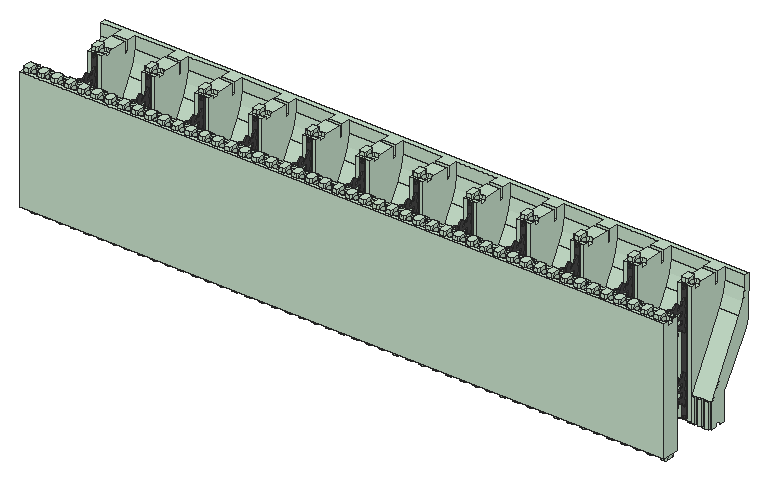
Revit family (continued)
Forms (mm)
  Extrusion 113, void
    sketch origin (2235.2, -0.069, 0) x (1, 0, 0) y (0, 1, 0)
      loop
        arc (29.796, 130.453) -> (26.615, 128.147) -> (25.4, 124.411) r 6.35
    from 0 to 12.7
  Extrusion 114, void
    sketch origin (2184.4, -0.069, 0) x (1, 0, 0) y (0, 1, 0)
      loop
        line (25.4, 124.411) -> (25.4, 101.014)
        arc (25.4, 101.014) -> (26.615, 97.278) -> (29.796, 94.972) r 6.35
        arc (29.796, 94.972) -> (36.091, 93.737) -> (42.5, 94.024) r 26.988
        arc (42.5, 94.024) -> (43.786, 93.668) -> (44.346, 92.457) r 1.587
        line (44.346, 92.457) -> (44.346, 86.829) -> (48.685, 86.829) -> (48.685, 95.62)
        arc (48.685, 95.62) -> (48.795, 96.199) -> (49.108, 96.698) r 1.588
        arc (49.108, 96.698) -> (50.362, 98.696) -> (50.8, 101.014) r 6.35
        line (50.8, 101.014) -> (50.8, 124.411)
        arc (50.8, 124.411) -> (49.585, 128.147) -> (46.404, 130.453) r 6.35
        arc (46.404, 130.453) -> (38.1, 131.763) -> (29.796, 130.453) r 26.987
        arc (29.796, 130.453) -> (26.615, 128.147) -> (25.4, 124.411) r 6.35
    from 0 to 12.7
  Extrusion 115, void
    sketch origin (2133.6, -0.069, 0) x (1, 0, 0) y (0, 1, 0)
      loop
        line (25.4, 124.411) -> (25.4, 101.014)
        arc (25.4, 101.014) -> (26.615, 97.278) -> (29.796, 94.972) r 6.35
        arc (29.796, 94.972) -> (36.091, 93.737) -> (42.5, 94.024) r 26.988
        arc (42.5, 94.024) -> (43.786, 93.668) -> (44.346, 92.457) r 1.587
        line (44.346, 92.457) -> (44.346, 86.829) -> (48.685, 86.829) -> (48.685, 95.62)
        arc (48.685, 95.62) -> (48.795, 96.199) -> (49.108, 96.698) r 1.588
        arc (49.108, 96.698) -> (50.362, 98.696) -> (50.8, 101.014) r 6.35
        line (50.8, 101.014) -> (50.8, 124.411)
        arc (50.8, 124.411) -> (49.585, 128.147) -> (46.404, 130.453) r 6.35
        arc (46.404, 130.453) -> (38.1, 131.763) -> (29.796, 130.453) r 26.987
        arc (29.796, 130.453) -> (26.615, 128.147) -> (25.4, 124.411) r 6.35
    from 0 to 12.7
  Extrusion 116, void
    sketch origin (2082.8, -0.069, 0) x (1, 0, 0) y (0, 1, 0)
      loop
        line (25.4, 124.411) -> (25.4, 101.014)
        arc (25.4, 101.014) -> (26.615, 97.278) -> (29.796, 94.972) r 6.35
        arc (29.796, 94.972) -> (36.091, 93.737) -> (42.5, 94.024) r 26.988
        arc (42.5, 94.024) -> (43.786, 93.668) -> (44.346, 92.457) r 1.587
        line (44.346, 92.457) -> (44.346, 86.829) -> (48.685, 86.829) -> (48.685, 95.62)
        arc (48.685, 95.62) -> (48.795, 96.199) -> (49.108, 96.698) r 1.588
        arc (49.108, 96.698) -> (50.362, 98.696) -> (50.8, 101.014) r 6.35
        line (50.8, 101.014) -> (50.8, 124.411)
        arc (50.8, 124.411) -> (49.585, 128.147) -> (46.404, 130.453) r 6.35
        arc (46.404, 130.453) -> (38.1, 131.763) -> (29.796, 130.453) r 26.987
        arc (29.796, 130.453) -> (26.615, 128.147) -> (25.4, 124.411) r 6.35
    from 0 to 12.7
  Extrusion 117, void
    sketch origin (2032, -0.069, 0) x (1, 0, 0) y (0, 1, 0)
      loop
        line (25.4, 124.411) -> (25.4, 101.014)
        arc (25.4, 101.014) -> (26.615, 97.278) -> (29.796, 94.972) r 6.35
        arc (29.796, 94.972) -> (36.091, 93.737) -> (42.5, 94.024) r 26.988
        arc (42.5, 94.024) -> (43.786, 93.668) -> (44.346, 92.457) r 1.587
        line (44.346, 92.457) -> (44.346, 86.829) -> (48.685, 86.829) -> (48.685, 95.62)
        arc (48.685, 95.62) -> (48.795, 96.199) -> (49.108, 96.698) r 1.588
        arc (49.108, 96.698) -> (50.362, 98.696) -> (50.8, 101.014) r 6.35
        line (50.8, 101.014) -> (50.8, 124.411)
        arc (50.8, 124.411) -> (49.585, 128.147) -> (46.404, 130.453) r 6.35
        arc (46.404, 130.453) -> (38.1, 131.763) -> (29.796, 130.453) r 26.987
        arc (29.796, 130.453) -> (26.615, 128.147) -> (25.4, 124.411) r 6.35
    from 0 to 12.7
  Extrusion 118, void
    sketch origin (1981.2, -0.069, 0) x (1, 0, 0) y (0, 1, 0)
      loop
        line (25.4, 124.411) -> (25.4, 101.014)
        arc (25.4, 101.014) -> (26.615, 97.278) -> (29.796, 94.972) r 6.35
        arc (29.796, 94.972) -> (36.091, 93.737) -> (42.5, 94.024) r 26.988
        arc (42.5, 94.024) -> (43.786, 93.668) -> (44.346, 92.457) r 1.587
        line (44.346, 92.457) -> (44.346, 86.829) -> (48.685, 86.829) -> (48.685, 95.62)
        arc (48.685, 95.62) -> (48.795, 96.199) -> (49.108, 96.698) r 1.588
        arc (49.108, 96.698) -> (50.362, 98.696) -> (50.8, 101.014) r 6.35
        line (50.8, 101.014) -> (50.8, 124.411)
        arc (50.8, 124.411) -> (49.585, 128.147) -> (46.404, 130.453) r 6.35
        arc (46.404, 130.453) -> (38.1, 131.763) -> (29.796, 130.453) r 26.987
        arc (29.796, 130.453) -> (26.615, 128.147) -> (25.4, 124.411) r 6.35
    from 0 to 12.7
  Extrusion 119, void
    sketch origin (1930.4, -0.069, 0) x (1, 0, 0) y (0, 1, 0)
      loop
        line (25.4, 124.411) -> (25.4, 101.014)
        arc (25.4, 101.014) -> (26.615, 97.278) -> (29.796, 94.972) r 6.35
        arc (29.796, 94.972) -> (36.091, 93.737) -> (42.5, 94.024) r 26.988
        arc (42.5, 94.024) -> (43.786, 93.668) -> (44.346, 92.457) r 1.587
        line (44.346, 92.457) -> (44.346, 86.829) -> (48.685, 86.829) -> (48.685, 95.62)
        arc (48.685, 95.62) -> (48.795, 96.199) -> (49.108, 96.698) r 1.588
        arc (49.108, 96.698) -> (50.362, 98.696) -> (50.8, 101.014) r 6.35
        line (50.8, 101.014) -> (50.8, 124.411)
        arc (50.8, 124.411) -> (49.585, 128.147) -> (46.404, 130.453) r 6.35
        arc (46.404, 130.453) -> (38.1, 131.763) -> (29.796, 130.453) r 26.987
        arc (29.796, 130.453) -> (26.615, 128.147) -> (25.4, 124.411) r 6.35
    from 0 to 12.7
  Extrusion 120, void
    sketch origin (1879.6, -0.069, 0) x (1, 0, 0) y (0, 1, 0)
      loop
        line (25.4, 124.411) -> (25.4, 101.014)
        arc (25.4, 101.014) -> (26.615, 97.278) -> (29.796, 94.972) r 6.35
        arc (29.796, 94.972) -> (36.091, 93.737) -> (42.5, 94.024) r 26.988
        arc (42.5, 94.024) -> (43.786, 93.668) -> (44.346, 92.457) r 1.587
        line (44.346, 92.457) -> (44.346, 86.829) -> (48.685, 86.829) -> (48.685, 95.62)
        arc (48.685, 95.62) -> (48.795, 96.199) -> (49.108, 96.698) r 1.588
        arc (49.108, 96.698) -> (50.362, 98.696) -> (50.8, 101.014) r 6.35
        line (50.8, 101.014) -> (50.8, 124.411)
        arc (50.8, 124.411) -> (49.585, 128.147) -> (46.404, 130.453) r 6.35
        arc (46.404, 130.453) -> (38.1, 131.763) -> (29.796, 130.453) r 26.987
        arc (29.796, 130.453) -> (26.615, 128.147) -> (25.4, 124.411) r 6.35
    from 0 to 12.7
  Extrusion 121, void
    sketch origin (1828.8, -0.069, 0) x (1, 0, 0) y (0, 1, 0)
      loop
        line (25.4, 124.411) -> (25.4, 101.014)
        arc (25.4, 101.014) -> (26.615, 97.278) -> (29.796, 94.972) r 6.35
        arc (29.796, 94.972) -> (36.091, 93.737) -> (42.5, 94.024) r 26.988
        arc (42.5, 94.024) -> (43.786, 93.668) -> (44.346, 92.457) r 1.587
        line (44.346, 92.457) -> (44.346, 86.829) -> (48.685, 86.829) -> (48.685, 95.62)
        arc (48.685, 95.62) -> (48.795, 96.199) -> (49.108, 96.698) r 1.588
        arc (49.108, 96.698) -> (50.362, 98.696) -> (50.8, 101.014) r 6.35
        line (50.8, 101.014) -> (50.8, 124.411)
        arc (50.8, 124.411) -> (49.585, 128.147) -> (46.404, 130.453) r 6.35
        arc (46.404, 130.453) -> (38.1, 131.763) -> (29.796, 130.453) r 26.987
        arc (29.796, 130.453) -> (26.615, 128.147) -> (25.4, 124.411) r 6.35
    from 0 to 12.7
  Extrusion 122, void
    sketch origin (1778, -0.069, 0) x (1, 0, 0) y (0, 1, 0)
      loop
        line (25.4, 124.411) -> (25.4, 101.014)
        arc (25.4, 101.014) -> (26.615, 97.278) -> (29.796, 94.972) r 6.35
        arc (29.796, 94.972) -> (36.091, 93.737) -> (42.5, 94.024) r 26.988
        arc (42.5, 94.024) -> (43.786, 93.668) -> (44.346, 92.457) r 1.587
        line (44.346, 92.457) -> (44.346, 86.829) -> (48.685, 86.829) -> (48.685, 95.62)
        arc (48.685, 95.62) -> (48.795, 96.199) -> (49.108, 96.698) r 1.588
        arc (49.108, 96.698) -> (50.362, 98.696) -> (50.8, 101.014) r 6.35
        line (50.8, 101.014) -> (50.8, 124.411)
        arc (50.8, 124.411) -> (49.585, 128.147) -> (46.404, 130.453) r 6.35
        arc (46.404, 130.453) -> (38.1, 131.763) -> (29.796, 130.453) r 26.987
        arc (29.796, 130.453) -> (26.615, 128.147) -> (25.4, 124.411) r 6.35
    from 0 to 12.7
  Extrusion 123, void
    sketch origin (1727.2, -0.069, 0) x (1, 0, 0) y (0, 1, 0)
      loop
        line (25.4, 124.411) -> (25.4, 101.014)
        arc (25.4, 101.014) -> (26.615, 97.278) -> (29.796, 94.972) r 6.35
        arc (29.796, 94.972) -> (36.091, 93.737) -> (42.5, 94.024) r 26.988
        arc (42.5, 94.024) -> (43.786, 93.668) -> (44.346, 92.457) r 1.587
        line (44.346, 92.457) -> (44.346, 86.829) -> (48.685, 86.829) -> (48.685, 95.62)
        arc (48.685, 95.62) -> (48.795, 96.199) -> (49.108, 96.698) r 1.588
        arc (49.108, 96.698) -> (50.362, 98.696) -> (50.8, 101.014) r 6.35
        line (50.8, 101.014) -> (50.8, 124.411)
        arc (50.8, 124.411) -> (49.585, 128.147) -> (46.404, 130.453) r 6.35
        arc (46.404, 130.453) -> (38.1, 131.763) -> (29.796, 130.453) r 26.987
        arc (29.796, 130.453) -> (26.615, 128.147) -> (25.4, 124.411) r 6.35
    from 0 to 12.7
  Extrusion 124, void
    sketch origin (1676.4, -0.069, 0) x (1, 0, 0) y (0, 1, 0)
      loop
        line (25.4, 124.411) -> (25.4, 101.014)
        arc (25.4, 101.014) -> (26.615, 97.278) -> (29.796, 94.972) r 6.35
        arc (29.796, 94.972) -> (36.091, 93.737) -> (42.5, 94.024) r 26.988
        arc (42.5, 94.024) -> (43.786, 93.668) -> (44.346, 92.457) r 1.587
        line (44.346, 92.457) -> (44.346, 86.829) -> (48.685, 86.829) -> (48.685, 95.62)
        arc (48.685, 95.62) -> (48.795, 96.199) -> (49.108, 96.698) r 1.588
        arc (49.108, 96.698) -> (50.362, 98.696) -> (50.8, 101.014) r 6.35
        line (50.8, 101.014) -> (50.8, 124.411)
        arc (50.8, 124.411) -> (49.585, 128.147) -> (46.404, 130.453) r 6.35
        arc (46.404, 130.453) -> (38.1, 131.763) -> (29.796, 130.453) r 26.987
        arc (29.796, 130.453) -> (26.615, 128.147) -> (25.4, 124.411) r 6.35
    from 0 to 12.7
  Extrusion 125, void
    sketch origin (1625.6, -0.069, 0) x (1, 0, 0) y (0, 1, 0)
      loop
        line (25.4, 124.411) -> (25.4, 101.014)
        arc (25.4, 101.014) -> (26.615, 97.278) -> (29.796, 94.972) r 6.35
        arc (29.796, 94.972) -> (36.091, 93.737) -> (42.5, 94.024) r 26.988
        arc (42.5, 94.024) -> (43.786, 93.668) -> (44.346, 92.457) r 1.587
        line (44.346, 92.457) -> (44.346, 86.829) -> (48.685, 86.829) -> (48.685, 95.62)
        arc (48.685, 95.62) -> (48.795, 96.199) -> (49.108, 96.698) r 1.588
        arc (49.108, 96.698) -> (50.362, 98.696) -> (50.8, 101.014) r 6.35
        line (50.8, 101.014) -> (50.8, 124.411)
        arc (50.8, 124.411) -> (49.585, 128.147) -> (46.404, 130.453) r 6.35
        arc (46.404, 130.453) -> (38.1, 131.763) -> (29.796, 130.453) r 26.987
        arc (29.796, 130.453) -> (26.615, 128.147) -> (25.4, 124.411) r 6.35
    from 0 to 12.7
  Extrusion 126, void
    sketch origin (1574.8, -0.069, 0) x (1, 0, 0) y (0, 1, 0)
      loop
        line (25.4, 124.411) -> (25.4, 101.014)
        arc (25.4, 101.014) -> (26.615, 97.278) -> (29.796, 94.972) r 6.35
        arc (29.796, 94.972) -> (36.091, 93.737) -> (42.5, 94.024) r 26.988
        arc (42.5, 94.024) -> (43.786, 93.668) -> (44.346, 92.457) r 1.587
        line (44.346, 92.457) -> (44.346, 86.829) -> (48.685, 86.829) -> (48.685, 95.62)
        arc (48.685, 95.62) -> (48.795, 96.199) -> (49.108, 96.698) r 1.588
        arc (49.108, 96.698) -> (50.362, 98.696) -> (50.8, 101.014) r 6.35
        line (50.8, 101.014) -> (50.8, 124.411)
        arc (50.8, 124.411) -> (49.585, 128.147) -> (46.404, 130.453) r 6.35
        arc (46.404, 130.453) -> (38.1, 131.763) -> (29.796, 130.453) r 26.987
        arc (29.796, 130.453) -> (26.615, 128.147) -> (25.4, 124.411) r 6.35
    from 0 to 12.7
  Extrusion 127, void
    sketch origin (1524, -0.069, 0) x (1, 0, 0) y (0, 1, 0)
      loop
        line (25.4, 124.411) -> (25.4, 101.014)
        arc (25.4, 101.014) -> (26.615, 97.278) -> (29.796, 94.972) r 6.35
        arc (29.796, 94.972) -> (36.091, 93.737) -> (42.5, 94.024) r 26.988
        arc (42.5, 94.024) -> (43.786, 93.668) -> (44.346, 92.457) r 1.587
        line (44.346, 92.457) -> (44.346, 86.829) -> (48.685, 86.829) -> (48.685, 95.62)
        arc (48.685, 95.62) -> (48.795, 96.199) -> (49.108, 96.698) r 1.588
        arc (49.108, 96.698) -> (50.362, 98.696) -> (50.8, 101.014) r 6.35
        line (50.8, 101.014) -> (50.8, 124.411)
        arc (50.8, 124.411) -> (49.585, 128.147) -> (46.404, 130.453) r 6.35
        arc (46.404, 130.453) -> (38.1, 131.763) -> (29.796, 130.453) r 26.987
        arc (29.796, 130.453) -> (26.615, 128.147) -> (25.4, 124.411) r 6.35
    from 0 to 12.7
  Extrusion 128, void
    sketch origin (1473.2, -0.069, 0) x (1, 0, 0) y (0, 1, 0)
      loop
        line (25.4, 124.411) -> (25.4, 101.014)
        arc (25.4, 101.014) -> (26.615, 97.278) -> (29.796, 94.972) r 6.35
        arc (29.796, 94.972) -> (36.091, 93.737) -> (42.5, 94.024) r 26.988
        arc (42.5, 94.024) -> (43.786, 93.668) -> (44.346, 92.457) r 1.587
        line (44.346, 92.457) -> (44.346, 86.829) -> (48.685, 86.829) -> (48.685, 95.62)
        arc (48.685, 95.62) -> (48.795, 96.199) -> (49.108, 96.698) r 1.588
        arc (49.108, 96.698) -> (50.362, 98.696) -> (50.8, 101.014) r 6.35
        line (50.8, 101.014) -> (50.8, 124.411)
        arc (50.8, 124.411) -> (49.585, 128.147) -> (46.404, 130.453) r 6.35
        arc (46.404, 130.453) -> (38.1, 131.763) -> (29.796, 130.453) r 26.987
        arc (29.796, 130.453) -> (26.615, 128.147) -> (25.4, 124.411) r 6.35
    from 0 to 12.7
  Extrusion 129, void
    sketch origin (1422.4, -0.069, 0) x (1, 0, 0) y (0, 1, 0)
      loop
        line (25.4, 124.411) -> (25.4, 101.014)
        arc (25.4, 101.014) -> (26.615, 97.278) -> (29.796, 94.972) r 6.35
        arc (29.796, 94.972) -> (36.091, 93.737) -> (42.5, 94.024) r 26.988
        arc (42.5, 94.024) -> (43.786, 93.668) -> (44.346, 92.457) r 1.587
        line (44.346, 92.457) -> (44.346, 86.829) -> (48.685, 86.829) -> (48.685, 95.62)
        arc (48.685, 95.62) -> (48.795, 96.199) -> (49.108, 96.698) r 1.588
        arc (49.108, 96.698) -> (50.362, 98.696) -> (50.8, 101.014) r 6.35
        line (50.8, 101.014) -> (50.8, 124.411)
        arc (50.8, 124.411) -> (49.585, 128.147) -> (46.404, 130.453) r 6.35
        arc (46.404, 130.453) -> (38.1, 131.763) -> (29.796, 130.453) r 26.987
        arc (29.796, 130.453) -> (26.615, 128.147) -> (25.4, 124.411) r 6.35
    from 0 to 12.7
  Extrusion 130, void
    sketch origin (1371.6, -0.069, 0) x (1, 0, 0) y (0, 1, 0)
      loop
        line (25.4, 124.411) -> (25.4, 101.014)
        arc (25.4, 101.014) -> (26.615, 97.278) -> (29.796, 94.972) r 6.35
        arc (29.796, 94.972) -> (36.091, 93.737) -> (42.5, 94.024) r 26.988
        arc (42.5, 94.024) -> (43.786, 93.668) -> (44.346, 92.457) r 1.587
        line (44.346, 92.457) -> (44.346, 86.829) -> (48.685, 86.829) -> (48.685, 95.62)
        arc (48.685, 95.62) -> (48.795, 96.199) -> (49.108, 96.698) r 1.588
        arc (49.108, 96.698) -> (50.362, 98.696) -> (50.8, 101.014) r 6.35
        line (50.8, 101.014) -> (50.8, 124.411)
        arc (50.8, 124.411) -> (49.585, 128.147) -> (46.404, 130.453) r 6.35
        arc (46.404, 130.453) -> (38.1, 131.763) -> (29.796, 130.453) r 26.987
        arc (29.796, 130.453) -> (26.615, 128.147) -> (25.4, 124.411) r 6.35
    from 0 to 12.7
  Extrusion 131, void
    sketch origin (1320.8, -0.069, 0) x (1, 0, 0) y (0, 1, 0)
      loop
        line (25.4, 124.411) -> (25.4, 101.014)
        arc (25.4, 101.014) -> (26.615, 97.278) -> (29.796, 94.972) r 6.35
        arc (29.796, 94.972) -> (36.091, 93.737) -> (42.5, 94.024) r 26.988
        arc (42.5, 94.024) -> (43.786, 93.668) -> (44.346, 92.457) r 1.587
        line (44.346, 92.457) -> (44.346, 86.829) -> (48.685, 86.829) -> (48.685, 95.62)
        arc (48.685, 95.62) -> (48.795, 96.199) -> (49.108, 96.698) r 1.588
        arc (49.108, 96.698) -> (50.362, 98.696) -> (50.8, 101.014) r 6.35
        line (50.8, 101.014) -> (50.8, 124.411)
        arc (50.8, 124.411) -> (49.585, 128.147) -> (46.404, 130.453) r 6.35
        arc (46.404, 130.453) -> (38.1, 131.763) -> (29.796, 130.453) r 26.987
        arc (29.796, 130.453) -> (26.615, 128.147) -> (25.4, 124.411) r 6.35
    from 0 to 12.7
  Extrusion 132, void
    sketch origin (1270, -0.069, 0) x (1, 0, 0) y (0, 1, 0)
      loop
        line (25.4, 124.411) -> (25.4, 101.014)
        arc (25.4, 101.014) -> (26.615, 97.278) -> (29.796, 94.972) r 6.35
        arc (29.796, 94.972) -> (36.091, 93.737) -> (42.5, 94.024) r 26.988
        arc (42.5, 94.024) -> (43.786, 93.668) -> (44.346, 92.457) r 1.587
        line (44.346, 92.457) -> (44.346, 86.829) -> (48.685, 86.829) -> (48.685, 95.62)
        arc (48.685, 95.62) -> (48.795, 96.199) -> (49.108, 96.698) r 1.588
        arc (49.108, 96.698) -> (50.362, 98.696) -> (50.8, 101.014) r 6.35
        line (50.8, 101.014) -> (50.8, 124.411)
        arc (50.8, 124.411) -> (49.585, 128.147) -> (46.404, 130.453) r 6.35
        arc (46.404, 130.453) -> (38.1, 131.763) -> (29.796, 130.453) r 26.987
        arc (29.796, 130.453) -> (26.615, 128.147) -> (25.4, 124.411) r 6.35
    from 0 to 12.7
  Extrusion 133, void
    sketch origin (1219.2, -0.069, 0) x (1, 0, 0) y (0, 1, 0)
      loop
        line (25.4, 124.411) -> (25.4, 101.014)
        arc (25.4, 101.014) -> (26.615, 97.278) -> (29.796, 94.972) r 6.35
        arc (29.796, 94.972) -> (36.091, 93.737) -> (42.5, 94.024) r 26.988
        arc (42.5, 94.024) -> (43.786, 93.668) -> (44.346, 92.457) r 1.587
        line (44.346, 92.457) -> (44.346, 86.829) -> (48.685, 86.829) -> (48.685, 95.62)
        arc (48.685, 95.62) -> (48.795, 96.199) -> (49.108, 96.698) r 1.588
        arc (49.108, 96.698) -> (50.362, 98.696) -> (50.8, 101.014) r 6.35
        line (50.8, 101.014) -> (50.8, 124.411)
        arc (50.8, 124.411) -> (49.585, 128.147) -> (46.404, 130.453) r 6.35
        arc (46.404, 130.453) -> (38.1, 131.763) -> (29.796, 130.453) r 26.987
        arc (29.796, 130.453) -> (26.615, 128.147) -> (25.4, 124.411) r 6.35
    from 0 to 12.7
  Extrusion 134, void
    sketch origin (1168.4, -0.069, 0) x (1, 0, 0) y (0, 1, 0)
      loop
        line (25.4, 124.411) -> (25.4, 101.014)
        arc (25.4, 101.014) -> (26.615, 97.278) -> (29.796, 94.972) r 6.35
        arc (29.796, 94.972) -> (36.091, 93.737) -> (42.5, 94.024) r 26.988
        arc (42.5, 94.024) -> (43.786, 93.668) -> (44.346, 92.457) r 1.587
        line (44.346, 92.457) -> (44.346, 86.829) -> (48.685, 86.829) -> (48.685, 95.62)
        arc (48.685, 95.62) -> (48.795, 96.199) -> (49.108, 96.698) r 1.588
        arc (49.108, 96.698) -> (50.362, 98.696) -> (50.8, 101.014) r 6.35
        line (50.8, 101.014) -> (50.8, 124.411)
        arc (50.8, 124.411) -> (49.585, 128.147) -> (46.404, 130.453) r 6.35
        arc (46.404, 130.453) -> (38.1, 131.763) -> (29.796, 130.453) r 26.987
        arc (29.796, 130.453) -> (26.615, 128.147) -> (25.4, 124.411) r 6.35
    from 0 to 12.7
  Extrusion 135, void
    sketch origin (1117.6, -0.069, 0) x (1, 0, 0) y (0, 1, 0)
      loop
        line (25.4, 124.411) -> (25.4, 101.014)
        arc (25.4, 101.014) -> (26.615, 97.278) -> (29.796, 94.972) r 6.35
        arc (29.796, 94.972) -> (36.091, 93.737) -> (42.5, 94.024) r 26.988
        arc (42.5, 94.024) -> (43.786, 93.668) -> (44.346, 92.457) r 1.587
        line (44.346, 92.457) -> (44.346, 86.829) -> (48.685, 86.829) -> (48.685, 95.62)
        arc (48.685, 95.62) -> (48.795, 96.199) -> (49.108, 96.698) r 1.588
        arc (49.108, 96.698) -> (50.362, 98.696) -> (50.8, 101.014) r 6.35
        line (50.8, 101.014) -> (50.8, 124.411)
        arc (50.8, 124.411) -> (49.585, 128.147) -> (46.404, 130.453) r 6.35
        arc (46.404, 130.453) -> (38.1, 131.763) -> (29.796, 130.453) r 26.987
        arc (29.796, 130.453) -> (26.615, 128.147) -> (25.4, 124.411) r 6.35
    from 0 to 12.7
  Extrusion 136, void
    sketch origin (1066.8, -0.069, 0) x (1, 0, 0) y (0, 1, 0)
      loop
        line (25.4, 124.411) -> (25.4, 101.014)
        arc (25.4, 101.014) -> (26.615, 97.278) -> (29.796, 94.972) r 6.35
        arc (29.796, 94.972) -> (36.091, 93.737) -> (42.5, 94.024) r 26.988
        arc (42.5, 94.024) -> (43.786, 93.668) -> (44.346, 92.457) r 1.587
        line (44.346, 92.457) -> (44.346, 86.829) -> (48.685, 86.829) -> (48.685, 95.62)
        arc (48.685, 95.62) -> (48.795, 96.199) -> (49.108, 96.698) r 1.588
        arc (49.108, 96.698) -> (50.362, 98.696) -> (50.8, 101.014) r 6.35
        line (50.8, 101.014) -> (50.8, 124.411)
        arc (50.8, 124.411) -> (49.585, 128.147) -> (46.404, 130.453) r 6.35
        arc (46.404, 130.453) -> (38.1, 131.763) -> (29.796, 130.453) r 26.987
        arc (29.796, 130.453) -> (26.615, 128.147) -> (25.4, 124.411) r 6.35
    from 0 to 12.7
  Extrusion 137, void
    sketch origin (1016, -0.069, 0) x (1, 0, 0) y (0, 1, 0)
      loop
        line (25.4, 124.411) -> (25.4, 101.014)
        arc (25.4, 101.014) -> (26.615, 97.278) -> (29.796, 94.972) r 6.35
        arc (29.796, 94.972) -> (36.091, 93.737) -> (42.5, 94.024) r 26.988
        arc (42.5, 94.024) -> (43.786, 93.668) -> (44.346, 92.457) r 1.587
        line (44.346, 92.457) -> (44.346, 86.829) -> (48.685, 86.829) -> (48.685, 95.62)
        arc (48.685, 95.62) -> (48.795, 96.199) -> (49.108, 96.698) r 1.588
        arc (49.108, 96.698) -> (50.362, 98.696) -> (50.8, 101.014) r 6.35
        line (50.8, 101.014) -> (50.8, 124.411)
        arc (50.8, 124.411) -> (49.585, 128.147) -> (46.404, 130.453) r 6.35
        arc (46.404, 130.453) -> (38.1, 131.763) -> (29.796, 130.453) r 26.987
        arc (29.796, 130.453) -> (26.615, 128.147) -> (25.4, 124.411) r 6.35
    from 0 to 12.7
  Extrusion 138, void
    sketch origin (965.2, -0.069, 0) x (1, 0, 0) y (0, 1, 0)
      loop
        line (25.4, 124.411) -> (25.4, 101.014)
        arc (25.4, 101.014) -> (26.615, 97.278) -> (29.796, 94.972) r 6.35
        arc (29.796, 94.972) -> (36.091, 93.737) -> (42.5, 94.024) r 26.988
        arc (42.5, 94.024) -> (43.786, 93.668) -> (44.346, 92.457) r 1.587
        line (44.346, 92.457) -> (44.346, 86.829) -> (48.685, 86.829) -> (48.685, 95.62)
        arc (48.685, 95.62) -> (48.795, 96.199) -> (49.108, 96.698) r 1.588
        arc (49.108, 96.698) -> (50.362, 98.696) -> (50.8, 101.014) r 6.35
        line (50.8, 101.014) -> (50.8, 124.411)
        arc (50.8, 124.411) -> (49.585, 128.147) -> (46.404, 130.453) r 6.35
        arc (46.404, 130.453) -> (38.1, 131.763) -> (29.796, 130.453) r 26.987
        arc (29.796, 130.453) -> (26.615, 128.147) -> (25.4, 124.411) r 6.35
    from 0 to 12.7
  Extrusion 139, void
    sketch origin (914.4, -0.069, 0) x (1, 0, 0) y (0, 1, 0)
      loop
        line (25.4, 124.411) -> (25.4, 101.014)
        arc (25.4, 101.014) -> (26.615, 97.278) -> (29.796, 94.972) r 6.35
        arc (29.796, 94.972) -> (36.091, 93.737) -> (42.5, 94.024) r 26.988
        arc (42.5, 94.024) -> (43.786, 93.668) -> (44.346, 92.457) r 1.587
        line (44.346, 92.457) -> (44.346, 86.829) -> (48.685, 86.829) -> (48.685, 95.62)
        arc (48.685, 95.62) -> (48.795, 96.199) -> (49.108, 96.698) r 1.588
        arc (49.108, 96.698) -> (50.362, 98.696) -> (50.8, 101.014) r 6.35
        line (50.8, 101.014) -> (50.8, 124.411)
        arc (50.8, 124.411) -> (49.585, 128.147) -> (46.404, 130.453) r 6.35
        arc (46.404, 130.453) -> (38.1, 131.763) -> (29.796, 130.453) r 26.987
        arc (29.796, 130.453) -> (26.615, 128.147) -> (25.4, 124.411) r 6.35
    from 0 to 12.7
  Extrusion 140, void
    sketch origin (863.6, -0.069, 0) x (1, 0, 0) y (0, 1, 0)
      loop
        line (25.4, 124.411) -> (25.4, 101.014)
        arc (25.4, 101.014) -> (26.615, 97.278) -> (29.796, 94.972) r 6.35
        arc (29.796, 94.972) -> (36.091, 93.737) -> (42.5, 94.024) r 26.988
        arc (42.5, 94.024) -> (43.786, 93.668) -> (44.346, 92.457) r 1.587
        line (44.346, 92.457) -> (44.346, 86.829) -> (48.685, 86.829) -> (48.685, 95.62)
        arc (48.685, 95.62) -> (48.795, 96.199) -> (49.108, 96.698) r 1.588
        arc (49.108, 96.698) -> (50.362, 98.696) -> (50.8, 101.014) r 6.35
        line (50.8, 101.014) -> (50.8, 124.411)
        arc (50.8, 124.411) -> (49.585, 128.147) -> (46.404, 130.453) r 6.35
        arc (46.404, 130.453) -> (38.1, 131.763) -> (29.796, 130.453) r 26.987
        arc (29.796, 130.453) -> (26.615, 128.147) -> (25.4, 124.411) r 6.35
    from 0 to 12.7
  Extrusion 141, void
    sketch origin (812.8, -0.069, 0) x (1, 0, 0) y (0, 1, 0)
      loop
        line (25.4, 124.411) -> (25.4, 101.014)
        arc (25.4, 101.014) -> (26.615, 97.278) -> (29.796, 94.972) r 6.35
        arc (29.796, 94.972) -> (36.091, 93.737) -> (42.5, 94.024) r 26.988
        arc (42.5, 94.024) -> (43.786, 93.668) -> (44.346, 92.457) r 1.587
        line (44.346, 92.457) -> (44.346, 86.829) -> (48.685, 86.829) -> (48.685, 95.62)
        arc (48.685, 95.62) -> (48.795, 96.199) -> (49.108, 96.698) r 1.588
        arc (49.108, 96.698) -> (50.362, 98.696) -> (50.8, 101.014) r 6.35
        line (50.8, 101.014) -> (50.8, 124.411)
        arc (50.8, 124.411) -> (49.585, 128.147) -> (46.404, 130.453) r 6.35
        arc (46.404, 130.453) -> (38.1, 131.763) -> (29.796, 130.453) r 26.987
        arc (29.796, 130.453) -> (26.615, 128.147) -> (25.4, 124.411) r 6.35
    from 0 to 12.7
  Extrusion 142, void
    sketch origin (762, -0.069, 0) x (1, 0, 0) y (0, 1, 0)
      loop
        line (25.4, 124.411) -> (25.4, 101.014)
        arc (25.4, 101.014) -> (26.615, 97.278) -> (29.796, 94.972) r 6.35
        arc (29.796, 94.972) -> (36.091, 93.737) -> (42.5, 94.024) r 26.988
        arc (42.5, 94.024) -> (43.786, 93.668) -> (44.346, 92.457) r 1.587
        line (44.346, 92.457) -> (44.346, 86.829) -> (48.685, 86.829) -> (48.685, 95.62)
        arc (48.685, 95.62) -> (48.795, 96.199) -> (49.108, 96.698) r 1.588
        arc (49.108, 96.698) -> (50.362, 98.696) -> (50.8, 101.014) r 6.35
        line (50.8, 101.014) -> (50.8, 124.411)
        arc (50.8, 124.411) -> (49.585, 128.147) -> (46.404, 130.453) r 6.35
        arc (46.404, 130.453) -> (38.1, 131.763) -> (29.796, 130.453) r 26.987
        arc (29.796, 130.453) -> (26.615, 128.147) -> (25.4, 124.411) r 6.35
    from 0 to 12.7
  Extrusion 143, void
    sketch origin (711.2, -0.069, 0) x (1, 0, 0) y (0, 1, 0)
      loop
        line (25.4, 124.411) -> (25.4, 101.014)
        arc (25.4, 101.014) -> (26.615, 97.278) -> (29.796, 94.972) r 6.35
        arc (29.796, 94.972) -> (36.091, 93.737) -> (42.5, 94.024) r 26.988
        arc (42.5, 94.024) -> (43.786, 93.668) -> (44.346, 92.457) r 1.587
        line (44.346, 92.457) -> (44.346, 86.829) -> (48.685, 86.829) -> (48.685, 95.62)
        arc (48.685, 95.62) -> (48.795, 96.199) -> (49.108, 96.698) r 1.588
        arc (49.108, 96.698) -> (50.362, 98.696) -> (50.8, 101.014) r 6.35
        line (50.8, 101.014) -> (50.8, 124.411)
        arc (50.8, 124.411) -> (49.585, 128.147) -> (46.404, 130.453) r 6.35
        arc (46.404, 130.453) -> (38.1, 131.763) -> (29.796, 130.453) r 26.987
        arc (29.796, 130.453) -> (26.615, 128.147) -> (25.4, 124.411) r 6.35
    from 0 to 12.7
  Extrusion 144, void
    sketch origin (660.4, -0.069, 0) x (1, 0, 0) y (0, 1, 0)
      loop
        line (25.4, 124.411) -> (25.4, 101.014)
        arc (25.4, 101.014) -> (26.615, 97.278) -> (29.796, 94.972) r 6.35
        arc (29.796, 94.972) -> (36.091, 93.737) -> (42.5, 94.024) r 26.988
        arc (42.5, 94.024) -> (43.786, 93.668) -> (44.346, 92.457) r 1.587
        line (44.346, 92.457) -> (44.346, 86.829) -> (48.685, 86.829) -> (48.685, 95.62)
        arc (48.685, 95.62) -> (48.795, 96.199) -> (49.108, 96.698) r 1.588
        arc (49.108, 96.698) -> (50.362, 98.696) -> (50.8, 101.014) r 6.35
        line (50.8, 101.014) -> (50.8, 124.411)
        arc (50.8, 124.411) -> (49.585, 128.147) -> (46.404, 130.453) r 6.35
        arc (46.404, 130.453) -> (38.1, 131.763) -> (29.796, 130.453) r 26.987
        arc (29.796, 130.453) -> (26.615, 128.147) -> (25.4, 124.411) r 6.35
    from 0 to 12.7
  Extrusion 145, void
    sketch origin (609.6, -0.069, 0) x (1, 0, 0) y (0, 1, 0)
      loop
        line (25.4, 124.411) -> (25.4, 101.014)
        arc (25.4, 101.014) -> (26.615, 97.278) -> (29.796, 94.972) r 6.35
        arc (29.796, 94.972) -> (36.091, 93.737) -> (42.5, 94.024) r 26.988
        arc (42.5, 94.024) -> (43.786, 93.668) -> (44.346, 92.457) r 1.587
        line (44.346, 92.457) -> (44.346, 86.829) -> (48.685, 86.829) -> (48.685, 95.62)
        arc (48.685, 95.62) -> (48.795, 96.199) -> (49.108, 96.698) r 1.588
        arc (49.108, 96.698) -> (50.362, 98.696) -> (50.8, 101.014) r 6.35
        line (50.8, 101.014) -> (50.8, 124.411)
        arc (50.8, 124.411) -> (49.585, 128.147) -> (46.404, 130.453) r 6.35
        arc (46.404, 130.453) -> (38.1, 131.763) -> (29.796, 130.453) r 26.987
        arc (29.796, 130.453) -> (26.615, 128.147) -> (25.4, 124.411) r 6.35
    from 0 to 12.7
  Extrusion 146, void
    sketch origin (558.8, -0.069, 0) x (1, 0, 0) y (0, 1, 0)
      loop
        line (25.4, 124.411) -> (25.4, 101.014)
        arc (25.4, 101.014) -> (26.615, 97.278) -> (29.796, 94.972) r 6.35
        arc (29.796, 94.972) -> (36.091, 93.737) -> (42.5, 94.024) r 26.988
        arc (42.5, 94.024) -> (43.786, 93.668) -> (44.346, 92.457) r 1.587
        line (44.346, 92.457) -> (44.346, 86.829) -> (48.685, 86.829) -> (48.685, 95.62)
        arc (48.685, 95.62) -> (48.795, 96.199) -> (49.108, 96.698) r 1.588
        arc (49.108, 96.698) -> (50.362, 98.696) -> (50.8, 101.014) r 6.35
        line (50.8, 101.014) -> (50.8, 124.411)
        arc (50.8, 124.411) -> (49.585, 128.147) -> (46.404, 130.453) r 6.35
        arc (46.404, 130.453) -> (38.1, 131.763) -> (29.796, 130.453) r 26.987
        arc (29.796, 130.453) -> (26.615, 128.147) -> (25.4, 124.411) r 6.35
    from 0 to 12.7
  Extrusion 147, void
    sketch origin (508, -0.069, 0) x (1, 0, 0) y (0, 1, 0)
      loop
        line (25.4, 124.411) -> (25.4, 101.014)
        arc (25.4, 101.014) -> (26.615, 97.278) -> (29.796, 94.972) r 6.35
        arc (29.796, 94.972) -> (36.091, 93.737) -> (42.5, 94.024) r 26.988
        arc (42.5, 94.024) -> (43.786, 93.668) -> (44.346, 92.457) r 1.587
        line (44.346, 92.457) -> (44.346, 86.829) -> (48.685, 86.829) -> (48.685, 95.62)
        arc (48.685, 95.62) -> (48.795, 96.199) -> (49.108, 96.698) r 1.588
        arc (49.108, 96.698) -> (50.362, 98.696) -> (50.8, 101.014) r 6.35
        line (50.8, 101.014) -> (50.8, 124.411)
        arc (50.8, 124.411) -> (49.585, 128.147) -> (46.404, 130.453) r 6.35
        arc (46.404, 130.453) -> (38.1, 131.763) -> (29.796, 130.453) r 26.987
        arc (29.796, 130.453) -> (26.615, 128.147) -> (25.4, 124.411) r 6.35
    from 0 to 12.7
  Extrusion 148, void
    sketch origin (457.2, -0.069, 0) x (1, 0, 0) y (0, 1, 0)
      loop
        line (25.4, 124.411) -> (25.4, 101.014)
        arc (25.4, 101.014) -> (26.615, 97.278) -> (29.796, 94.972) r 6.35
        arc (29.796, 94.972) -> (36.091, 93.737) -> (42.5, 94.024) r 26.988
        arc (42.5, 94.024) -> (43.786, 93.668) -> (44.346, 92.457) r 1.587
        line (44.346, 92.457) -> (44.346, 86.829) -> (48.685, 86.829) -> (48.685, 95.62)
        arc (48.685, 95.62) -> (48.795, 96.199) -> (49.108, 96.698) r 1.588
        arc (49.108, 96.698) -> (50.362, 98.696) -> (50.8, 101.014) r 6.35
        line (50.8, 101.014) -> (50.8, 124.411)
        arc (50.8, 124.411) -> (49.585, 128.147) -> (46.404, 130.453) r 6.35
        arc (46.404, 130.453) -> (38.1, 131.763) -> (29.796, 130.453) r 26.987
        arc (29.796, 130.453) -> (26.615, 128.147) -> (25.4, 124.411) r 6.35
    from 0 to 12.7
  Extrusion 149, void
    sketch origin (406.4, -0.069, 0) x (1, 0, 0) y (0, 1, 0)
      loop
        line (25.4, 124.411) -> (25.4, 101.014)
        arc (25.4, 101.014) -> (26.615, 97.278) -> (29.796, 94.972) r 6.35
        arc (29.796, 94.972) -> (36.091, 93.737) -> (42.5, 94.024) r 26.988
        arc (42.5, 94.024) -> (43.786, 93.668) -> (44.346, 92.457) r 1.587
        line (44.346, 92.457) -> (44.346, 86.829) -> (48.685, 86.829) -> (48.685, 95.62)
        arc (48.685, 95.62) -> (48.795, 96.199) -> (49.108, 96.698) r 1.588
        arc (49.108, 96.698) -> (50.362, 98.696) -> (50.8, 101.014) r 6.35
        line (50.8, 101.014) -> (50.8, 124.411)
        arc (50.8, 124.411) -> (49.585, 128.147) -> (46.404, 130.453) r 6.35
        arc (46.404, 130.453) -> (38.1, 131.763) -> (29.796, 130.453) r 26.987
        arc (29.796, 130.453) -> (26.615, 128.147) -> (25.4, 124.411) r 6.35
    from 0 to 12.7
  Extrusion 150, void
    sketch origin (355.6, -0.069, 0) x (1, 0, 0) y (0, 1, 0)
      loop
        line (25.4, 124.411) -> (25.4, 101.014)
        arc (25.4, 101.014) -> (26.615, 97.278) -> (29.796, 94.972) r 6.35
        arc (29.796, 94.972) -> (36.091, 93.737) -> (42.5, 94.024) r 26.988
        arc (42.5, 94.024) -> (43.786, 93.668) -> (44.346, 92.457) r 1.587
        line (44.346, 92.457) -> (44.346, 86.829) -> (48.685, 86.829) -> (48.685, 95.62)
        arc (48.685, 95.62) -> (48.795, 96.199) -> (49.108, 96.698) r 1.588
        arc (49.108, 96.698) -> (50.362, 98.696) -> (50.8, 101.014) r 6.35
        line (50.8, 101.014) -> (50.8, 124.411)
        arc (50.8, 124.411) -> (49.585, 128.147) -> (46.404, 130.453) r 6.35
        arc (46.404, 130.453) -> (38.1, 131.763) -> (29.796, 130.453) r 26.987
        arc (29.796, 130.453) -> (26.615, 128.147) -> (25.4, 124.411) r 6.35
    from 0 to 12.7
  Extrusion 151, void
    sketch origin (304.8, -0.069, 0) x (1, 0, 0) y (0, 1, 0)
      loop
        line (25.4, 124.411) -> (25.4, 101.014)
        arc (25.4, 101.014) -> (26.615, 97.278) -> (29.796, 94.972) r 6.35
        arc (29.796, 94.972) -> (36.091, 93.737) -> (42.5, 94.024) r 26.988
        arc (42.5, 94.024) -> (43.786, 93.668) -> (44.346, 92.457) r 1.587
        line (44.346, 92.457) -> (44.346, 86.829) -> (48.685, 86.829) -> (48.685, 95.62)
        arc (48.685, 95.62) -> (48.795, 96.199) -> (49.108, 96.698) r 1.588
        arc (49.108, 96.698) -> (50.362, 98.696) -> (50.8, 101.014) r 6.35
        line (50.8, 101.014) -> (50.8, 124.411)
        arc (50.8, 124.411) -> (49.585, 128.147) -> (46.404, 130.453) r 6.35
        arc (46.404, 130.453) -> (38.1, 131.763) -> (29.796, 130.453) r 26.987
        arc (29.796, 130.453) -> (26.615, 128.147) -> (25.4, 124.411) r 6.35
    from 0 to 12.7
  Extrusion 152, void
    sketch origin (254, -0.069, 0) x (1, 0, 0) y (0, 1, 0)
      loop
        line (25.4, 124.411) -> (25.4, 101.014)
        arc (25.4, 101.014) -> (26.615, 97.278) -> (29.796, 94.972) r 6.35
        arc (29.796, 94.972) -> (36.091, 93.737) -> (42.5, 94.024) r 26.988
        arc (42.5, 94.024) -> (43.786, 93.668) -> (44.346, 92.457) r 1.587
        line (44.346, 92.457) -> (44.346, 86.829) -> (48.685, 86.829) -> (48.685, 95.62)
        arc (48.685, 95.62) -> (48.795, 96.199) -> (49.108, 96.698) r 1.588
        arc (49.108, 96.698) -> (50.362, 98.696) -> (50.8, 101.014) r 6.35
        line (50.8, 101.014) -> (50.8, 124.411)
        arc (50.8, 124.411) -> (49.585, 128.147) -> (46.404, 130.453) r 6.35
        arc (46.404, 130.453) -> (38.1, 131.763) -> (29.796, 130.453) r 26.987
        arc (29.796, 130.453) -> (26.615, 128.147) -> (25.4, 124.411) r 6.35
    from 0 to 12.7
  Extrusion 153, void
    sketch origin (203.2, -0.069, 0) x (1, 0, 0) y (0, 1, 0)
      loop
        line (25.4, 124.411) -> (25.4, 101.014)
        arc (25.4, 101.014) -> (26.615, 97.278) -> (29.796, 94.972) r 6.35
        arc (29.796, 94.972) -> (36.091, 93.737) -> (42.5, 94.024) r 26.988
        arc (42.5, 94.024) -> (43.786, 93.668) -> (44.346, 92.457) r 1.587
        line (44.346, 92.457) -> (44.346, 86.829) -> (48.685, 86.829) -> (48.685, 95.62)
        arc (48.685, 95.62) -> (48.795, 96.199) -> (49.108, 96.698) r 1.588
        arc (49.108, 96.698) -> (50.362, 98.696) -> (50.8, 101.014) r 6.35
        line (50.8, 101.014) -> (50.8, 124.411)
        arc (50.8, 124.411) -> (49.585, 128.147) -> (46.404, 130.453) r 6.35
        arc (46.404, 130.453) -> (38.1, 131.763) -> (29.796, 130.453) r 26.987
        arc (29.796, 130.453) -> (26.615, 128.147) -> (25.4, 124.411) r 6.35
    from 0 to 12.7
  Extrusion 154, void
    sketch origin (152.4, -0.069, 0) x (1, 0, 0) y (0, 1, 0)
      loop
        line (25.4, 124.411) -> (25.4, 101.014)
        arc (25.4, 101.014) -> (26.615, 97.278) -> (29.796, 94.972) r 6.35
        arc (29.796, 94.972) -> (36.091, 93.737) -> (42.5, 94.024) r 26.988
        arc (42.5, 94.024) -> (43.786, 93.668) -> (44.346, 92.457) r 1.587
        line (44.346, 92.457) -> (44.346, 86.829) -> (48.685, 86.829) -> (48.685, 95.62)
        arc (48.685, 95.62) -> (48.795, 96.199) -> (49.108, 96.698) r 1.588
        arc (49.108, 96.698) -> (50.362, 98.696) -> (50.8, 101.014) r 6.35
        line (50.8, 101.014) -> (50.8, 124.411)
        arc (50.8, 124.411) -> (49.585, 128.147) -> (46.404, 130.453) r 6.35
        arc (46.404, 130.453) -> (38.1, 131.763) -> (29.796, 130.453) r 26.987
        arc (29.796, 130.453) -> (26.615, 128.147) -> (25.4, 124.411) r 6.35
    from 0 to 12.7
  Extrusion 155, void
    sketch origin (101.6, -0.069, 0) x (1, 0, 0) y (0, 1, 0)
      loop
        line (25.4, 124.411) -> (25.4, 101.014)
        arc (25.4, 101.014) -> (26.615, 97.278) -> (29.796, 94.972) r 6.35
        arc (29.796, 94.972) -> (36.091, 93.737) -> (42.5, 94.024) r 26.988
        arc (42.5, 94.024) -> (43.786, 93.668) -> (44.346, 92.457) r 1.587
        line (44.346, 92.457) -> (44.346, 86.829) -> (48.685, 86.829) -> (48.685, 95.62)
        arc (48.685, 95.62) -> (48.795, 96.199) -> (49.108, 96.698) r 1.588
        arc (49.108, 96.698) -> (50.362, 98.696) -> (50.8, 101.014) r 6.35
        line (50.8, 101.014) -> (50.8, 124.411)
        arc (50.8, 124.411) -> (49.585, 128.147) -> (46.404, 130.453) r 6.35
        arc (46.404, 130.453) -> (38.1, 131.763) -> (29.796, 130.453) r 26.987
        arc (29.796, 130.453) -> (26.615, 128.147) -> (25.4, 124.411) r 6.35
    from 0 to 12.7
  Extrusion 156, void
    sketch origin (50.8, -0.069, 0) x (1, 0, 0) y (0, 1, 0)
      loop
        line (25.4, 124.411) -> (25.4, 101.014)
        arc (25.4, 101.014) -> (26.615, 97.278) -> (29.796, 94.972) r 6.35
        arc (29.796, 94.972) -> (36.091, 93.737) -> (42.5, 94.024) r 26.988
        arc (42.5, 94.024) -> (43.786, 93.668) -> (44.346, 92.457) r 1.587
        line (44.346, 92.457) -> (44.346, 86.829) -> (48.685, 86.829) -> (48.685, 95.62)
        arc (48.685, 95.62) -> (48.795, 96.199) -> (49.108, 96.698) r 1.588
        arc (49.108, 96.698) -> (50.362, 98.696) -> (50.8, 101.014) r 6.35
        line (50.8, 101.014) -> (50.8, 124.411)
        arc (50.8, 124.411) -> (49.585, 128.147) -> (46.404, 130.453) r 6.35
        arc (46.404, 130.453) -> (38.1, 131.763) -> (29.796, 130.453) r 26.987
        arc (29.796, 130.453) -> (26.615, 128.147) -> (25.4, 124.411) r 6.35
    from 0 to 12.7
  Extrusion 157, void
    sketch origin (0, -0.069, 0) x (1, 0, 0) y (0, 1, 0)
      loop
        line (25.4, 124.411) -> (25.4, 101.014)
        arc (25.4, 101.014) -> (26.615, 97.278) -> (29.796, 94.972) r 6.35
        arc (29.796, 94.972) -> (36.091, 93.737) -> (42.5, 94.024) r 26.988
        arc (42.5, 94.024) -> (43.786, 93.668) -> (44.346, 92.457) r 1.587
        line (44.346, 92.457) -> (44.346, 86.829) -> (48.685, 86.829) -> (48.685, 95.62)
        arc (48.685, 95.62) -> (48.795, 96.199) -> (49.108, 96.698) r 1.588
        arc (49.108, 96.698) -> (50.362, 98.696) -> (50.8, 101.014) r 6.35
        line (50.8, 101.014) -> (50.8, 124.411)
        arc (50.8, 124.411) -> (49.585, 128.147) -> (46.404, 130.453) r 6.35
        arc (46.404, 130.453) -> (38.1, 131.763) -> (29.796, 130.453) r 26.987
        arc (29.796, 130.453) -> (26.615, 128.147) -> (25.4, 124.411) r 6.35
    from 0 to 12.7
  Extrusion 158, solid, material "EPS- NUDURA- Foam Panel"
    sketch origin (0, -0.069, 0) x (0, 1, 0) y (0, 0, 1)
      loop
        line (257.175, 330.2) -> (257.175, 457.2) -> (239.395, 457.2) -> (239.395, 412.75)
        arc (239.395, 412.75) -> (229.98, 370.464) -> (213.995, 330.2) r 273.05
        line (213.995, 330.2) -> (82.55, 92.075) -> (82.55, 0) -> (142.875, 0) -> (142.875, 98.425)
        arc (142.875, 98.425) -> (143.415, 104.58) -> (145.215, 110.49) r 29.756
        line (145.215, 110.49) -> (240.16, 266.7)
        arc (240.16, 266.7) -> (252.848, 297.33) -> (257.175, 330.2) r 127
    from 0 to 2438.4
  Extrusion 159, solid, material "EPS- NUDURA- Foam Panel"
    sketch origin (0, -0.069, 0) x (0, 1, 0) y (0, 0, 1)
      loop
        arc (206.375, 419.1) -> (200.025, 412.75) -> (193.675, 419.1) r 6.35
        line (193.675, 419.1) -> (193.675, 457.2) -> (82.55, 457.2) -> (82.55, 92.075) -> (213.995, 330.2)
        arc (213.995, 330.2) -> (229.98, 370.464) -> (239.395, 412.75) r 273.05
        line (239.395, 412.75) -> (239.395, 457.2) -> (206.375, 457.2) -> (206.375, 419.1)
    from 76.2 to 127
  Extrusion 160, solid, material "EPS- NUDURA- Foam Panel"
    sketch origin (0, -0.069, 0) x (0, 1, 0) y (0, 0, 1)
      loop
        arc (206.375, 419.1) -> (200.025, 412.75) -> (193.675, 419.1) r 6.35
        line (193.675, 419.1) -> (193.675, 457.2) -> (82.55, 457.2) -> (82.55, 92.075) -> (213.995, 330.2)
        arc (213.995, 330.2) -> (229.98, 370.464) -> (239.395, 412.75) r 273.05
        line (239.395, 412.75) -> (239.395, 457.2) -> (206.375, 457.2) -> (206.375, 419.1)
    from 279.4 to 330.2
  Extrusion 161, solid, material "EPS- NUDURA- Foam Panel"
    sketch origin (203.2, -0.069, 0) x (0, 1, 0) y (0, 0, 1)
      loop
        arc (206.375, 419.1) -> (200.025, 412.75) -> (193.675, 419.1) r 6.35
        line (193.675, 419.1) -> (193.675, 457.2) -> (82.55, 457.2) -> (82.55, 92.075) -> (213.995, 330.2)
        arc (213.995, 330.2) -> (229.98, 370.464) -> (239.395, 412.75) r 273.05
        line (239.395, 412.75) -> (239.395, 457.2) -> (206.375, 457.2) -> (206.375, 419.1)
    from 279.4 to 330.2
  Extrusion 162, solid, material "EPS- NUDURA- Foam Panel"
    sketch origin (0, -0.069, 0) x (0, 1, 0) y (0, 0, 1)
      loop
        line (239.395, 457.2) -> (206.375, 457.2) -> (206.375, 419.1)
        arc (206.375, 419.1) -> (200.025, 412.75) -> (193.675, 419.1) r 6.35
        line (193.675, 419.1) -> (193.675, 457.2) -> (82.55, 457.2) -> (82.55, 92.075) -> (213.995, 330.2)
        arc (213.995, 330.2) -> (229.98, 370.464) -> (239.395, 412.75) r 273.05
        line (239.395, 412.75) -> (239.395, 457.2)
    from 685.8 to 736.6
  Extrusion 163, solid, material "EPS- NUDURA- Foam Panel"
    sketch origin (0, -0.069, 0) x (0, 1, 0) y (0, 0, 1)
      loop
        line (239.395, 457.2) -> (206.375, 457.2) -> (206.375, 419.1)
        arc (206.375, 419.1) -> (200.025, 412.75) -> (193.675, 419.1) r 6.35
        line (193.675, 419.1) -> (193.675, 457.2) -> (82.55, 457.2) -> (82.55, 92.075) -> (213.995, 330.2)
        arc (213.995, 330.2) -> (229.98, 370.464) -> (239.395, 412.75) r 273.05
        line (239.395, 412.75) -> (239.395, 457.2)
    from 889 to 939.8
  Extrusion 164, solid, material "EPS- NUDURA- Foam Panel"
    sketch origin (0, -0.069, 0) x (0, 1, 0) y (0, 0, 1)
      loop
        line (239.395, 457.2) -> (206.375, 457.2) -> (206.375, 419.1)
        arc (206.375, 419.1) -> (200.025, 412.75) -> (193.675, 419.1) r 6.35
        line (193.675, 419.1) -> (193.675, 457.2) -> (82.55, 457.2) -> (82.55, 92.075) -> (213.995, 330.2)
        arc (213.995, 330.2) -> (229.98, 370.464) -> (239.395, 412.75) r 273.05
        line (239.395, 412.75) -> (239.395, 457.2)
    from 1092.2 to 1143
  Extrusion 165, solid, material "EPS- NUDURA- Foam Panel"
    sketch origin (0, -0.069, 0) x (0, 1, 0) y (0, 0, 1)
      loop
        line (239.395, 457.2) -> (206.375, 457.2) -> (206.375, 419.1)
        arc (206.375, 419.1) -> (200.025, 412.75) -> (193.675, 419.1) r 6.35
        line (193.675, 419.1) -> (193.675, 457.2) -> (82.55, 457.2) -> (82.55, 92.075) -> (213.995, 330.2)
        arc (213.995, 330.2) -> (229.98, 370.464) -> (239.395, 412.75) r 273.05
        line (239.395, 412.75) -> (239.395, 457.2)
    from 1295.4 to 1346.2
  Extrusion 166, solid, material "EPS- NUDURA- Foam Panel"
    sketch origin (0, -0.069, 0) x (0, 1, 0) y (0, 0, 1)
      loop
        line (239.395, 457.2) -> (206.375, 457.2) -> (206.375, 419.1)
        arc (206.375, 419.1) -> (200.025, 412.75) -> (193.675, 419.1) r 6.35
        line (193.675, 419.1) -> (193.675, 457.2) -> (82.55, 457.2) -> (82.55, 92.075) -> (213.995, 330.2)
        arc (213.995, 330.2) -> (229.98, 370.464) -> (239.395, 412.75) r 273.05
        line (239.395, 412.75) -> (239.395, 457.2)
    from 1498.6 to 1549.4
  Extrusion 167, solid, material "EPS- NUDURA- Foam Panel"
    sketch origin (0, -0.069, 0) x (0, 1, 0) y (0, 0, 1)
      loop
        line (239.395, 457.2) -> (206.375, 457.2) -> (206.375, 419.1)
        arc (206.375, 419.1) -> (200.025, 412.75) -> (193.675, 419.1) r 6.35
        line (193.675, 419.1) -> (193.675, 457.2) -> (82.55, 457.2) -> (82.55, 92.075) -> (213.995, 330.2)
        arc (213.995, 330.2) -> (229.98, 370.464) -> (239.395, 412.75) r 273.05
        line (239.395, 412.75) -> (239.395, 457.2)
    from 1701.8 to 1752.6
  Extrusion 168, solid, material "EPS- NUDURA- Foam Panel"
    sketch origin (0, -0.069, 0) x (0, 1, 0) y (0, 0, 1)
      loop
        line (239.395, 457.2) -> (206.375, 457.2) -> (206.375, 419.1)
        arc (206.375, 419.1) -> (200.025, 412.75) -> (193.675, 419.1) r 6.35
        line (193.675, 419.1) -> (193.675, 457.2) -> (82.55, 457.2) -> (82.55, 92.075) -> (213.995, 330.2)
        arc (213.995, 330.2) -> (229.98, 370.464) -> (239.395, 412.75) r 273.05
        line (239.395, 412.75) -> (239.395, 457.2)
    from 1905 to 1955.8
  Extrusion 169, solid, material "EPS- NUDURA- Foam Panel"
    sketch origin (0, -0.069, 0) x (0, 1, 0) y (0, 0, 1)
      loop
        line (239.395, 457.2) -> (206.375, 457.2) -> (206.375, 419.1)
        arc (206.375, 419.1) -> (200.025, 412.75) -> (193.675, 419.1) r 6.35
        line (193.675, 419.1) -> (193.675, 457.2) -> (82.55, 457.2) -> (82.55, 92.075) -> (213.995, 330.2)
        arc (213.995, 330.2) -> (229.98, 370.464) -> (239.395, 412.75) r 273.05
        line (239.395, 412.75) -> (239.395, 457.2)
    from 2108.2 to 2159
  Extrusion 170, solid, material "EPS- NUDURA- Foam Panel"
    sketch origin (0, -0.069, 0) x (0, 1, 0) y (0, 0, 1)
      loop
        line (239.395, 457.2) -> (206.375, 457.2) -> (206.375, 419.1)
        arc (206.375, 419.1) -> (200.025, 412.75) -> (193.675, 419.1) r 6.35
        line (193.675, 419.1) -> (193.675, 457.2) -> (82.55, 457.2) -> (82.55, 92.075) -> (213.995, 330.2)
        arc (213.995, 330.2) -> (229.98, 370.464) -> (239.395, 412.75) r 273.05
        line (239.395, 412.75) -> (239.395, 457.2)
    from 2311.4 to 2362.2
  Extrusion 171, solid, material "EPS- NUDURA- Foam Panel"
    sketch origin (0, -0.069, 0) x (1, 0, 0) y (0, 1, 0)
      loop
        line (2418.558, 76.2) -> (2432.842, 76.2) -> (2431.258, 82.55) -> (2420.142, 82.55) -> (2418.558, 76.2)
      loop
        line (2393.158, 76.2) -> (2407.442, 76.2) -> (2405.858, 82.55) -> (2394.742, 82.55) -> (2393.158, 76.2)
      loop
        line (2367.758, 76.2) -> (2382.042, 76.2) -> (2380.458, 82.55) -> (2369.342, 82.55) -> (2367.758, 76.2)
      loop
        line (2291.558, 76.2) -> (2305.842, 76.2) -> (2304.258, 82.55) -> (2293.142, 82.55) -> (2291.558, 76.2)
      loop
        line (2266.158, 76.2) -> (2280.442, 76.2) -> (2278.858, 82.55) -> (2267.742, 82.55) -> (2266.158, 76.2)
      loop
        line (2240.758, 76.2) -> (2255.042, 76.2) -> (2253.458, 82.55) -> (2242.342, 82.55) -> (2240.758, 76.2)
      loop
        line (2215.358, 76.2) -> (2229.642, 76.2) -> (2228.058, 82.55) -> (2216.942, 82.55) -> (2215.358, 76.2)
      loop
        line (2189.958, 76.2) -> (2204.242, 76.2) -> (2202.658, 82.55) -> (2191.542, 82.55) -> (2189.958, 76.2)
      loop
        line (2164.558, 76.2) -> (2178.842, 76.2) -> (2177.258, 82.55) -> (2166.142, 82.55) -> (2164.558, 76.2)
      loop
        line (2088.358, 76.2) -> (2102.642, 76.2) -> (2101.058, 82.55) -> (2089.942, 82.55) -> (2088.358, 76.2)
      loop
        line (2062.958, 76.2) -> (2077.242, 76.2) -> (2075.658, 82.55) -> (2064.542, 82.55) -> (2062.958, 76.2)
      loop
        line (2037.558, 76.2) -> (2051.842, 76.2) -> (2050.258, 82.55) -> (2039.142, 82.55) -> (2037.558, 76.2)
      loop
        line (2012.158, 76.2) -> (2026.442, 76.2) -> (2024.858, 82.55) -> (2013.742, 82.55) -> (2012.158, 76.2)
      loop
        line (1986.758, 76.2) -> (2001.042, 76.2) -> (1999.458, 82.55) -> (1988.342, 82.55) -> (1986.758, 76.2)
      loop
        line (1961.358, 76.2) -> (1975.642, 76.2) -> (1974.058, 82.55) -> (1962.942, 82.55) -> (1961.358, 76.2)
      loop
        line (1885.158, 76.2) -> (1899.442, 76.2) -> (1897.858, 82.55) -> (1886.742, 82.55) -> (1885.158, 76.2)
      loop
        line (1859.758, 76.2) -> (1874.042, 76.2) -> (1872.458, 82.55) -> (1861.342, 82.55) -> (1859.758, 76.2)
      loop
        line (1834.358, 76.2) -> (1848.642, 76.2) -> (1847.058, 82.55) -> (1835.942, 82.55) -> (1834.358, 76.2)
      loop
        line (1808.958, 76.2) -> (1823.242, 76.2) -> (1821.658, 82.55) -> (1810.542, 82.55) -> (1808.958, 76.2)
      loop
        line (1783.558, 76.2) -> (1797.842, 76.2) -> (1796.258, 82.55) -> (1785.142, 82.55) -> (1783.558, 76.2)
      loop
        line (1758.158, 76.2) -> (1772.442, 76.2) -> (1770.858, 82.55) -> (1759.742, 82.55) -> (1758.158, 76.2)
      loop
        line (1681.958, 76.2) -> (1696.242, 76.2) -> (1694.658, 82.55) -> (1683.542, 82.55) -> (1681.958, 76.2)
      loop
        line (1656.558, 76.2) -> (1670.842, 76.2) -> (1669.258, 82.55) -> (1658.142, 82.55) -> (1656.558, 76.2)
      loop
        line (1631.158, 76.2) -> (1645.442, 76.2) -> (1643.858, 82.55) -> (1632.742, 82.55) -> (1631.158, 76.2)
      loop
        line (1605.758, 76.2) -> (1620.042, 76.2) -> (1618.458, 82.55) -> (1607.342, 82.55) -> (1605.758, 76.2)
      loop
        line (1580.358, 76.2) -> (1594.642, 76.2) -> (1593.058, 82.55) -> (1581.942, 82.55) -> (1580.358, 76.2)
      loop
        line (1554.958, 76.2) -> (1569.242, 76.2) -> (1567.658, 82.55) -> (1556.542, 82.55) -> (1554.958, 76.2)
      loop
        line (1478.758, 76.2) -> (1493.042, 76.2) -> (1491.458, 82.55) -> (1480.342, 82.55) -> (1478.758, 76.2)
      loop
        line (1453.358, 76.2) -> (1467.642, 76.2) -> (1466.058, 82.55) -> (1454.942, 82.55) -> (1453.358, 76.2)
      loop
        line (1427.958, 76.2) -> (1442.242, 76.2) -> (1440.658, 82.55) -> (1429.542, 82.55) -> (1427.958, 76.2)
      loop
        line (1402.558, 76.2) -> (1416.842, 76.2) -> (1415.258, 82.55) -> (1404.142, 82.55) -> (1402.558, 76.2)
      loop
        line (1377.158, 76.2) -> (1391.442, 76.2) -> (1389.858, 82.55) -> (1378.742, 82.55) -> (1377.158, 76.2)
      loop
        line (1351.758, 76.2) -> (1366.042, 76.2) -> (1364.458, 82.55) -> (1353.342, 82.55) -> (1351.758, 76.2)
      loop
        line (1275.558, 76.2) -> (1289.842, 76.2) -> (1288.258, 82.55) -> (1277.142, 82.55) -> (1275.558, 76.2)
      loop
        line (1250.158, 76.2) -> (1264.442, 76.2) -> (1262.858, 82.55) -> (1251.742, 82.55) -> (1250.158, 76.2)
      loop
        line (1224.758, 76.2) -> (1239.042, 76.2) -> (1237.458, 82.55) -> (1226.342, 82.55) -> (1224.758, 76.2)
      loop
        line (1199.358, 76.2) -> (1213.642, 76.2) -> (1212.058, 82.55) -> (1200.942, 82.55) -> (1199.358, 76.2)
      loop
        line (1173.958, 76.2) -> (1188.242, 76.2) -> (1186.658, 82.55) -> (1175.542, 82.55) -> (1173.958, 76.2)
      loop
        line (1148.558, 76.2) -> (1162.842, 76.2) -> (1161.258, 82.55) -> (1150.142, 82.55) -> (1148.558, 76.2)
      loop
        line (1072.358, 76.2) -> (1086.642, 76.2) -> (1085.058, 82.55) -> (1073.942, 82.55) -> (1072.358, 76.2)
      loop
        line (1046.958, 76.2) -> (1061.242, 76.2) -> (1059.658, 82.55) -> (1048.542, 82.55) -> (1046.958, 76.2)
      loop
        line (1021.558, 76.2) -> (1035.842, 76.2) -> (1034.258, 82.55) -> (1023.142, 82.55) -> (1021.558, 76.2)
      loop
        line (996.158, 76.2) -> (1010.442, 76.2) -> (1008.858, 82.55) -> (997.742, 82.55) -> (996.158, 76.2)
      loop
        line (970.758, 76.2) -> (985.042, 76.2) -> (983.458, 82.55) -> (972.342, 82.55) -> (970.758, 76.2)
      loop
        line (945.358, 76.2) -> (959.642, 76.2) -> (958.058, 82.55) -> (946.942, 82.55) -> (945.358, 76.2)
      loop
        line (869.158, 76.2) -> (883.442, 76.2) -> (881.858, 82.55) -> (870.742, 82.55) -> (869.158, 76.2)
      loop
        line (843.758, 76.2) -> (858.042, 76.2) -> (856.458, 82.55) -> (845.342, 82.55) -> (843.758, 76.2)
      loop
        line (818.358, 76.2) -> (832.642, 76.2) -> (831.058, 82.55) -> (819.942, 82.55) -> (818.358, 76.2)
      loop
        line (792.958, 76.2) -> (807.242, 76.2) -> (805.658, 82.55) -> (794.542, 82.55) -> (792.958, 76.2)
      loop
        line (767.558, 76.2) -> (781.842, 76.2) -> (780.258, 82.55) -> (769.142, 82.55) -> (767.558, 76.2)
      loop
        line (742.158, 76.2) -> (756.442, 76.2) -> (754.858, 82.55) -> (743.742, 82.55) -> (742.158, 76.2)
      loop
        line (665.958, 76.2) -> (680.242, 76.2) -> (678.658, 82.55) -> (667.542, 82.55) -> (665.958, 76.2)
      loop
        line (640.558, 76.2) -> (654.842, 76.2) -> (653.258, 82.55) -> (642.142, 82.55) -> (640.558, 76.2)
      loop
        line (615.158, 76.2) -> (629.442, 76.2) -> (627.858, 82.55) -> (616.742, 82.55) -> (615.158, 76.2)
      loop
        line (589.758, 76.2) -> (604.042, 76.2) -> (602.458, 82.55) -> (591.342, 82.55) -> (589.758, 76.2)
      loop
        line (564.358, 76.2) -> (578.642, 76.2) -> (577.058, 82.55) -> (565.942, 82.55) -> (564.358, 76.2)
      loop
        line (538.958, 76.2) -> (553.242, 76.2) -> (551.658, 82.55) -> (540.542, 82.55) -> (538.958, 76.2)
      loop
        line (462.758, 76.2) -> (477.042, 76.2) -> (475.458, 82.55) -> (464.342, 82.55) -> (462.758, 76.2)
      loop
        line (437.358, 76.2) -> (451.642, 76.2) -> (450.058, 82.55) -> (438.942, 82.55) -> (437.358, 76.2)
      loop
        line (411.958, 76.2) -> (426.242, 76.2) -> (424.658, 82.55) -> (413.542, 82.55) -> (411.958, 76.2)
